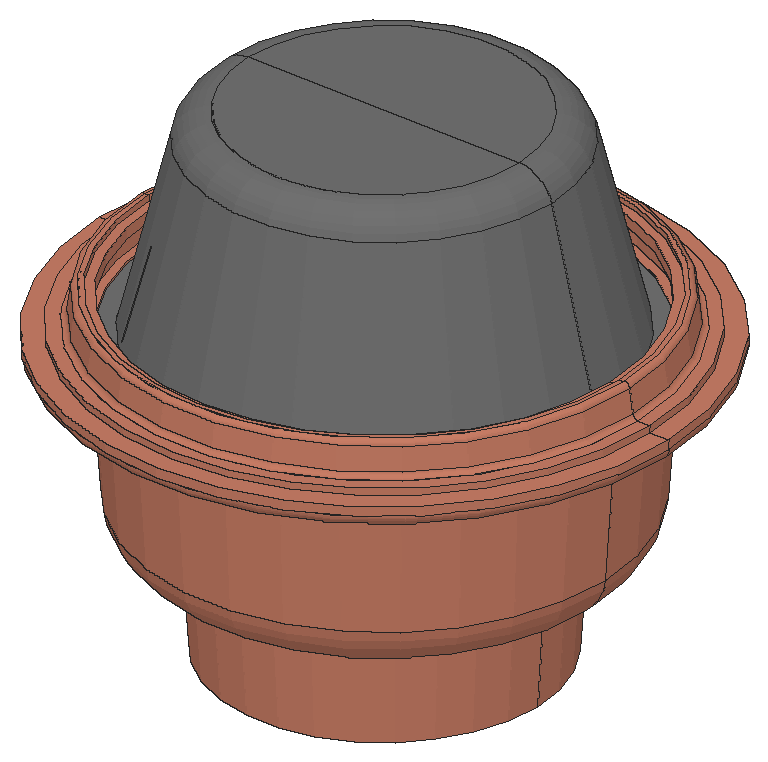
Revit family
Parameters (values of type "1310-06")
  Weight (lb) = 21.44
  Waste Connection = no
  Warranty = "1 year material and workmanship"  # constant formula
  Vent Connection = no
  URL = "http://www.jrsmith.com"
  Threaded = yes
  Technical and Installation = "http://www.jrsmith.com/products/floor/tech_data_index.htm"
  SmartBIM Object Version = 3  # constant formula
  SmartBIM Object Created By = "Reed Construction Data"  # constant formula
  Push On = yes
  Product URL = "http://jrsmith.com/products/roof/submittal/d1310.pdf"
  Pipe Diameter = 6"
  No Hub = yes
  HW Connection = no
  Description = "Duco cast iron body with combined flashing clamp and gravel stop with polyethylene dome"  # constant formula
  Outlet Radius = Pipe Diameter / 2  # 3"
  OmniClass Title = "Roof Drains"  # constant formula
  OmniClass Code = "22-22 14 26 13"  # constant formula
  Model = "1310"  # constant formula
  Material Finish = Cast Iron
  Material = Duco coated
  Manufacturer = "Jay R. Smith Mfg. Co. "  # constant formula
  Dome Free Area = "71.50"  # constant formula
  Default Elevation = 0"
  Caulk = yes
  CW Connection = no
  Assembly Code = "D2030300"
  95 CSI = "15165"  # constant formula
  04 CSI = "22 14 35"  # constant formula
Types (6): name | Weight (lb) | Pipe Diameter | Outlet Radius | Assembly Code
  (no name) | 21.44 | 6" | 3" | "D2030300"
  1310-02 | 21.34 | 2" | 1" | "D2040200"
  1310-03 | 21.68 | 3" | 1 1/2" | "D2030300"
  1310-04 | 22.4 | 4" | 2" | "D2030300"
  1310-05 | 21.2 | 5" | 2 1/2" | "D2030300"
  1310-06 | 21.44 | 6" | 3" | "D2030300"
Reference planes (in)
  plane 1 "Center (Front/Back)": y = 0
  plane 2: z = 0
  plane 3 "Center (Left/Right)": x = 0
  plane 4: x = 3
  plane 5: x = 3.5
  plane 6: z = 4.5
  plane 7: z = 0.37289
  plane 8: z = -5.62967
Forms (in)
  Revolve 1, solid, material "Duco coated" <- "Material"
    sketch origin (12.25, 0, -4.64174) x (1, 0, 0) y (0, 0, 1)
      loop
        line (-9.39981, 9.14174) -> (-12.25, 9.14174) -> (-12.25, 8.96429) -> (-9.44227, 8.96429)
        arc (-9.44227, 8.96429) -> (-9.14759, 8.86722) -> (-8.97498, 8.60939) r 0.4769
        line (-8.97498, 8.60939) -> (-7.93127, 4.66392) -> (-7.28336, 4.66392) -> (-7.28336, 5.01882) -> (-7.81914, 5.01882) -> (-8.72773, 8.61823)
        arc (-8.72773, 8.61823) -> (-8.97386, 8.99542) -> (-9.39981, 9.14174) r 0.69316
      axis (-12.25, 4.66392) -> (-12.25, 9.14174)
    angle from 0 to 360
  Revolve 2, solid, material "Cast Iron" <- "Material Finish"
    sketch origin (12.25, 0, 5.05899) x (1, 0, 0) y (0, 0, -1)
      loop
        arc (-7.01679, 4.45328) -> (-6.97825, 4.52458) -> (-6.90235, 4.55302) r 0.11553
        line (-6.90235, 4.55302) -> (-6.64814, 4.55302) -> (-6.64814, 4.6861) -> (-6.25194, 4.6861) -> (-6.25194, 4.8606)
        arc (-6.25194, 4.8606) -> (-6.30087, 5.00279) -> (-6.42695, 5.08476) r 0.23105
        line (-6.42695, 5.08476) -> (-7.24276, 5.28872)
        arc (-7.24276, 5.28872) -> (-7.3637, 5.36434) -> (-7.41719, 5.49656) r 0.23105
        line (-7.41719, 5.49656) -> (-7.58028, 7.80021)
        arc (-7.58028, 7.80021) -> (-7.93549, 8.45652) -> (-8.63252, 8.72307) r 1.07427
        line (-8.63252, 8.72307) -> (-9.15607, 8.72307) -> (-9.15607, 8.4569) -> (-8.83658, 8.4569)
        arc (-8.83658, 8.4569) -> (-8.68067, 8.39636) -> (-8.60645, 8.24648) r 0.23105
        line (-8.60645, 8.24648) -> (-8.32079, 5.06026) -> (-7.71591, 4.9672) -> (-7.4719, 4.72319) -> (-7.4719, 4.66392) -> (-7.28336, 4.66392) -> (-7.28336, 4.2203) -> (-7.4719, 4.2203) -> (-7.4719, 4.00958) -> (-7.28336, 4.00958) -> (-7.28336, 3.90976) -> (-7.19245, 3.90976)
        arc (-7.19245, 3.90976) -> (-7.11654, 3.9382) -> (-7.078, 4.0095) r 0.11553
        line (-7.078, 4.0095) -> (-7.01679, 4.45328)
      axis (-12.25, 3.90976) -> (-12.25, 8.72307)
    angle from 0 to 360
  Revolve 3, solid, material "Cast Iron" <- "Material Finish"
    sketch origin (0, 0, 0.08888) x (1, 0, 0) y (0, 0, 1)
      loop
        line (3.22556, -5.71855) -> (3.36028, -3.75475) -> (3.5, -3.75475) -> (3.5, -3.48858) -> (3.33229, -3.48858)
        arc (3.33229, -3.48858) -> (3.22695, -3.54047) -> (3.17162, -3.64405) r 0.19174
        line (3.17162, -3.64405) -> (3.00441, -5.71855) -> (3.22556, -5.71855)
      axis (0, -5.71855) -> (0, -3.48858)
    angle from 0 to 360
Lines and regions (in)
  model lines
    curve 1: line (3.62078, -0.25038, 3.61561) -> (4.43588, -0.25038, 0.38519)
    curve 2: line (3.62078, 0.32695, 3.61561) -> (4.43588, 0.32695, 0.38519)
    curve 3: arc (3.62078, -0.25038, 3.61561) -> (3.55016, 0.03828, 3.8955) -> (3.62078, 0.32695, 3.61561) r 0.28866
    curve 4: line (3.58572, 0.5616, 3.61561) -> (4.38038, 0.74297, 0.38519)
    curve 5: line (3.45725, 1.12445, 3.61561) -> (4.25191, 1.30583, 0.38519)
    curve 6: arc (3.58572, 0.5616, 3.61561) -> (3.45263, 0.82731, 3.8955) -> (3.45725, 1.12445, 3.61561) r 0.28866
    curve 7: line (3.37085, 1.34541, 3.61561) -> (4.10523, 1.69907, 0.38519)
    curve 8: line (3.12036, 1.86557, 3.61561) -> (3.85474, 2.21922, 0.38519)
    curve 9: arc (3.37085, 1.34541, 3.61561) -> (3.18197, 1.57485, 3.8955) -> (3.12036, 1.86557, 3.61561) r 0.28866
    curve 10: line (2.98695, 2.06177, 3.61561) -> (3.62422, 2.56997, 0.38519)
    curve 11: line (2.627, 2.51314, 3.61561) -> (3.26427, 3.02134, 0.38519)
    curve 12: arc (2.98695, 2.06177, 3.61561) -> (2.75176, 2.24342, 3.8955) -> (2.627, 2.51314, 3.61561) r 0.28866
    curve 13: line (2.45328, 2.67473, 3.61561) -> (2.96148, 3.312, 0.38519)
    curve 14: line (2.00191, 3.03469, 3.61561) -> (2.51011, 3.67196, 0.38519)
    curve 15: arc (2.45328, 2.67473, 3.61561) -> (2.18356, 2.7995, 3.8955) -> (2.00191, 3.03469, 3.61561) r 0.28866
    curve 16: line (1.79659, 3.15358, 3.61561) -> (2.15024, 3.88796, 0.38519)
    curve 17: line (1.27643, 3.40407, 3.61561) -> (1.63009, 4.13845, 0.38519)
    curve 18: arc (1.79659, 3.15358, 3.61561) -> (1.50587, 3.21519, 3.8955) -> (1.27643, 3.40407, 3.61561) r 0.28866
    curve 19: line (1.0498, 3.47429, 3.61561) -> (1.23118, 4.26895, 0.38519)
    curve 20: line (0.48695, 3.60276, 3.61561) -> (0.66833, 4.39742, 0.38519)
    curve 21: arc (1.0498, 3.47429, 3.61561) -> (0.75266, 3.46967, 3.8955) -> (0.48695, 3.60276, 3.61561) r 0.28866
    curve 22: line (0.25038, 3.62078, 3.61561) -> (0.25038, 4.43588, 0.38519)
    curve 23: line (-0.32695, 3.62078, 3.61561) -> (-0.32695, 4.43588, 0.38519)
    curve 24: arc (0.25038, 3.62078, 3.61561) -> (-0.03828, 3.55016, 3.8955) -> (-0.32695, 3.62078, 3.61561) r 0.28866
    curve 25: line (-0.5616, 3.58572, 3.61561) -> (-0.74297, 4.38038, 0.38519)
    curve 26: line (-1.12445, 3.45725, 3.61561) -> (-1.30583, 4.25191, 0.38519)
    curve 27: arc (-0.5616, 3.58572, 3.61561) -> (-0.82731, 3.45263, 3.8955) -> (-1.12445, 3.45725, 3.61561) r 0.28866
    curve 28: line (-1.34541, 3.37085, 3.61561) -> (-1.69907, 4.10523, 0.38519)
    curve 29: line (-1.86557, 3.12036, 3.61561) -> (-2.21922, 3.85474, 0.38519)
    curve 30: arc (-1.34541, 3.37085, 3.61561) -> (-1.57485, 3.18197, 3.8955) -> (-1.86557, 3.12036, 3.61561) r 0.28866
    curve 31: line (-2.06177, 2.98695, 3.61561) -> (-2.56997, 3.62422, 0.38519)
    curve 32: line (-2.51314, 2.627, 3.61561) -> (-3.02134, 3.26427, 0.38519)
    curve 33: arc (-2.06177, 2.98695, 3.61561) -> (-2.24342, 2.75176, 3.8955) -> (-2.51314, 2.627, 3.61561) r 0.28866
    curve 34: line (-2.67473, 2.45328, 3.61561) -> (-3.312, 2.96148, 0.38519)
    curve 35: line (-3.03469, 2.00191, 3.61561) -> (-3.67196, 2.51011, 0.38519)
    curve 36: arc (-2.67473, 2.45328, 3.61561) -> (-2.7995, 2.18356, 3.8955) -> (-3.03469, 2.00191, 3.61561) r 0.28866
    curve 37: line (-3.15358, 1.79659, 3.61561) -> (-3.88796, 2.15024, 0.38519)
    curve 38: line (-3.40407, 1.27643, 3.61561) -> (-4.13845, 1.63009, 0.38519)
    curve 39: arc (-3.15358, 1.79659, 3.61561) -> (-3.21519, 1.50587, 3.8955) -> (-3.40407, 1.27643, 3.61561) r 0.28866
    curve 40: line (-3.47429, 1.0498, 3.61561) -> (-4.26895, 1.23118, 0.38519)
    curve 41: line (-3.60276, 0.48695, 3.61561) -> (-4.39742, 0.66833, 0.38519)
    curve 42: arc (-3.47429, 1.0498, 3.61561) -> (-3.46967, 0.75266, 3.8955) -> (-3.60276, 0.48695, 3.61561) r 0.28866
    curve 43: line (-3.62078, 0.25038, 3.61561) -> (-4.43588, 0.25038, 0.38519)
    curve 44: line (-3.62078, -0.32695, 3.61561) -> (-4.43588, -0.32695, 0.38519)
    curve 45: arc (-3.62078, 0.25038, 3.61561) -> (-3.55016, -0.03828, 3.8955) -> (-3.62078, -0.32695, 3.61561) r 0.28866
    curve 46: line (-3.58572, -0.5616, 3.61561) -> (-4.38038, -0.74297, 0.38519)
    curve 47: line (-3.45725, -1.12445, 3.61561) -> (-4.25191, -1.30583, 0.38519)
    curve 48: arc (-3.58572, -0.5616, 3.61561) -> (-3.45263, -0.82731, 3.8955) -> (-3.45725, -1.12445, 3.61561) r 0.28866
    curve 49: line (-3.37085, -1.34541, 3.61561) -> (-4.10523, -1.69907, 0.38519)
    curve 50: line (-3.12036, -1.86557, 3.61561) -> (-3.85474, -2.21922, 0.38519)
    curve 51: arc (-3.37085, -1.34541, 3.61561) -> (-3.18197, -1.57485, 3.8955) -> (-3.12036, -1.86557, 3.61561) r 0.28866
    curve 52: line (-2.98695, -2.06177, 3.61561) -> (-3.62422, -2.56997, 0.38519)
    curve 53: line (-2.627, -2.51314, 3.61561) -> (-3.26427, -3.02134, 0.38519)
    curve 54: arc (-2.98695, -2.06177, 3.61561) -> (-2.75176, -2.24342, 3.8955) -> (-2.627, -2.51314, 3.61561) r 0.28866
    curve 55: line (-2.45328, -2.67473, 3.61561) -> (-2.96148, -3.312, 0.38519)
    curve 56: line (-2.00191, -3.03469, 3.61561) -> (-2.51011, -3.67196, 0.38519)
    curve 57: arc (-2.45328, -2.67473, 3.61561) -> (-2.18356, -2.7995, 3.8955) -> (-2.00191, -3.03469, 3.61561) r 0.28866
    curve 58: line (-1.79659, -3.15358, 3.61561) -> (-2.15024, -3.88796, 0.38519)
    curve 59: line (-1.27643, -3.40407, 3.61561) -> (-1.63009, -4.13845, 0.38519)
    curve 60: arc (-1.79659, -3.15358, 3.61561) -> (-1.50587, -3.21519, 3.8955) -> (-1.27643, -3.40407, 3.61561) r 0.28866
    curve 61: line (-1.0498, -3.47429, 3.61561) -> (-1.23118, -4.26895, 0.38519)
    curve 62: line (-0.48695, -3.60276, 3.61561) -> (-0.66833, -4.39742, 0.38519)
    curve 63: arc (-1.0498, -3.47429, 3.61561) -> (-0.75266, -3.46967, 3.8955) -> (-0.48695, -3.60276, 3.61561) r 0.28866
    curve 64: line (-0.25038, -3.62078, 3.61561) -> (-0.25038, -4.43588, 0.38519)
    curve 65: line (0.32695, -3.62078, 3.61561) -> (0.32695, -4.43588, 0.38519)
    curve 66: arc (-0.25038, -3.62078, 3.61561) -> (0.03828, -3.55016, 3.8955) -> (0.32695, -3.62078, 3.61561) r 0.28866
    curve 67: line (0.5616, -3.58572, 3.61561) -> (0.74297, -4.38038, 0.38519)
    curve 68: line (1.12445, -3.45725, 3.61561) -> (1.30583, -4.25191, 0.38519)
    curve 69: arc (0.5616, -3.58572, 3.61561) -> (0.82731, -3.45263, 3.8955) -> (1.12445, -3.45725, 3.61561) r 0.28866
    curve 70: line (1.34541, -3.37085, 3.61561) -> (1.69907, -4.10523, 0.38519)
    curve 71: line (1.86557, -3.12036, 3.61561) -> (2.21922, -3.85474, 0.38519)
    curve 72: arc (1.34541, -3.37085, 3.61561) -> (1.57485, -3.18197, 3.8955) -> (1.86557, -3.12036, 3.61561) r 0.28866
    curve 73: line (2.06177, -2.98695, 3.61561) -> (2.56997, -3.62422, 0.38519)
    curve 74: line (2.51314, -2.627, 3.61561) -> (3.02134, -3.26427, 0.38519)
    curve 75: arc (2.06177, -2.98695, 3.61561) -> (2.24342, -2.75176, 3.8955) -> (2.51314, -2.627, 3.61561) r 0.28866
    curve 76: line (2.67473, -2.45328, 3.61561) -> (3.312, -2.96148, 0.38519)
    curve 77: line (3.03469, -2.00191, 3.61561) -> (3.67196, -2.51011, 0.38519)
    curve 78: arc (2.67473, -2.45328, 3.61561) -> (2.7995, -2.18356, 3.8955) -> (3.03469, -2.00191, 3.61561) r 0.28866
    curve 79: line (3.15358, -1.79659, 3.61561) -> (3.88796, -2.15024, 0.38519)
    curve 80: line (3.40407, -1.27643, 3.61561) -> (4.13845, -1.63009, 0.38519)
    curve 81: arc (3.15358, -1.79659, 3.61561) -> (3.21519, -1.50587, 3.8955) -> (3.40407, -1.27643, 3.61561) r 0.28866
    curve 82: line (3.47429, -1.0498, 3.61561) -> (4.26895, -1.23118, 0.38519)
    curve 83: line (3.60276, -0.48695, 3.61561) -> (4.39742, -0.66833, 0.38519)
    curve 84: arc (3.47429, -1.0498, 3.61561) -> (3.46967, -0.75266, 3.8955) -> (3.60276, -0.48695, 3.61561) r 0.28866
  symbolic lines
    curve 85: circle (0, 0, 0) r 5.99806 normal (0, 0, 1)
Dimensions and locks (in)
  "Outlet Radius": plane 4 to plane 3 "Center (Left/Right)"
  locked: plane 5 to plane 3 "Center (Left/Right)" at 3.5
  locked: Revolve 2 sketch curve to plane 5 at 0.40607
  plane 4 to Revolve 3 sketch curve to Revolve 3 sketch curve = 0.22556" locked, 0.13471" locked
  plane 6 to plane 7 = 4.12711"
  plane 7 to plane 8 = 6.00256"
  aligned and locked: Revolve 2 sketch curve to plane 3 "Center (Left/Right)"
  aligned and locked: plane 3 "Center (Left/Right)" to Revolve 3 sketch curve
  aligned and locked: Revolve 3 sketch curve to plane 5
Automatic sketch dimensions
  Revolve 1 sketch curve to plane 3 "Center (Left/Right)" = 0"  (x2)
  plane 5 to Revolve 1 sketch curve = 0.69227"
  Revolve 1 sketch curve to Revolve 1 sketch curve = 0.00625"
  Revolve 1 sketch curve to Revolve 1 sketch curve = 0.04246"
  plane 5 to Revolve 1 sketch curve = 0.22498"
  Revolve 1 sketch curve to plane 5 = 0.02227"
  level to Revolve 1 sketch curve = 0.02218"
  Revolve 1 sketch curve to plane 5 = 0.81873"
  Revolve 1 sketch curve to Revolve 1 sketch curve = 0.11213"
  Revolve 1 sketch curve to Revolve 1 sketch curve = 0.53578"
  Revolve 1 sketch curve to level = 5.22593"
  Revolve 1 sketch curve to Revolve 1 sketch curve = 1"
  Revolve 1 sketch curve to Revolve 1 sketch curve = 0.3549"
  Revolve 1 sketch curve to Revolve 1 sketch curve = 3.42976"
  Revolve 1 sketch curve to Revolve 1 sketch curve = 0.03885"
  Revolve 1 sketch curve to Revolve 1 sketch curve = 0.16081"
  Revolve 1 sketch curve to Revolve 1 sketch curve = 0.00884"
  Revolve 2 sketch curve to level = 0.37289"
  Revolve 2 sketch curve to plane 5 = 0.08658"
  plane 5 to Revolve 2 sketch curve = 0.10617"
  plane 5 to Revolve 2 sketch curve = 0.11748"
  plane 5 to Revolve 2 sketch curve = 0.14355"
  plane 5 to Revolve 2 sketch curve = 0.42921"
  Revolve 2 sketch curve to level = 0.09179"
  Revolve 2 sketch curve to Revolve 2 sketch curve = 0.60488"
  Revolve 2 sketch curve to Revolve 2 sketch curve = 1.06355"
  Revolve 2 sketch curve to Revolve 2 sketch curve = 0.24401"  (x2)
  Revolve 2 sketch curve to level = 0.39507"
  Revolve 2 sketch curve to Revolve 2 sketch curve = 0.29871"
  Revolve 2 sketch curve to Revolve 2 sketch curve = 0.18854"  (x2)
  Revolve 2 sketch curve to Revolve 2 sketch curve = 0.17443"
  Revolve 2 sketch curve to Revolve 2 sketch curve = 0.09091"
  Revolve 2 sketch curve to Revolve 2 sketch curve = 0.05604"  (x2)
  Revolve 2 sketch curve to Revolve 2 sketch curve = 0.11444"  (x2)
  Revolve 2 sketch curve to level = 0.60571"
  Revolve 2 sketch curve to Revolve 2 sketch curve = 0.26657"
  Revolve 2 sketch curve to Revolve 2 sketch curve = 0.25421"
  Revolve 2 sketch curve to Revolve 2 sketch curve = 0.16515"
  level to Revolve 2 sketch curve = 0.02577"
  Revolve 2 sketch curve to level = 0.19839"
  Revolve 2 sketch curve to Revolve 2 sketch curve = 0.01579"  (x2)
  Revolve 2 sketch curve to Revolve 2 sketch curve = 0.23298"
  Revolve 2 sketch curve to Revolve 2 sketch curve = 0.19501"
  Revolve 2 sketch curve to Revolve 2 sketch curve = 0.01571"
  Revolve 2 sketch curve to level = 5.64317"
  Revolve 2 sketch curve to Revolve 2 sketch curve = 1"
  Revolve 2 sketch curve to level = 0.3358"
  level to Revolve 2 sketch curve = 0.00127"
  Revolve 2 sketch curve to Revolve 2 sketch curve = 0.32152"
  Revolve 2 sketch curve to Revolve 2 sketch curve = 0.20784"
  Revolve 2 sketch curve to Revolve 2 sketch curve = 2.1523"
  Revolve 2 sketch curve to Revolve 2 sketch curve = 0.15135"
  Revolve 2 sketch curve to Revolve 2 sketch curve = 0.49723"
  Revolve 2 sketch curve to Revolve 2 sketch curve = 0.02063"
  Revolve 3 sketch curve to plane 4 = 0.00441"
  Revolve 3 sketch curve to plane 4 = 0.17162"
  Revolve 3 sketch curve to Revolve 3 sketch curve = 0.16067"
  Revolve 3 sketch curve to Revolve 3 sketch curve = 0"
  Revolve 3 sketch curve to level = 5.62967"
  Revolve 3 sketch curve to Revolve 3 sketch curve = 25/128"
  Revolve 3 sketch curve to Revolve 3 sketch curve = 1"
  Revolve 3 sketch curve to Revolve 3 sketch curve = 1.9638"
  Revolve 3 sketch curve to Revolve 3 sketch curve = 0.07649"
  Revolve 3 sketch curve to Revolve 3 sketch curve = 0.03421"
  curve 85 to plane 1 "Center (Front/Back)" = 0"
  curve 85 to plane 3 "Center (Left/Right)" = 0"
  plane 1 "Center (Front/Back)" to curve 1 = 0.25038"
  curve 2 to curve 1 = 0"
  curve 2 to curve 2 = 3.33166"
  curve 3 to plane 1 "Center (Front/Back)" = 0.03828"
  curve 5 to curve 4 = 0"
  curve 5 to curve 5 = 3.33166"
  curve 4 to curve 6 = 0.28866"
  curve 8 to curve 7 = 0"
  curve 8 to curve 8 = 3.33166"
  curve 7 to curve 9 = 0.28866"
  curve 11 to curve 10 = 0"
  curve 11 to curve 11 = 3.33166"
  curve 10 to curve 12 = 0.28866"
  curve 14 to curve 13 = 0"
  curve 14 to curve 14 = 3.33166"
  curve 15 to curve 15 = 0.28866"
  curve 17 to curve 16 = 0"
  curve 17 to curve 17 = 3.33166"
  curve 18 to curve 18 = 0.28866"
  curve 20 to curve 19 = 0"
  curve 20 to curve 20 = 3.33166"
  curve 19 to curve 21 = 0.28866"
  plane 3 "Center (Left/Right)" to curve 22 = 0.25038"
  curve 23 to curve 22 = 0"
  curve 23 to curve 23 = 3.33166"
  curve 24 to plane 3 "Center (Left/Right)" = 0.03828"
  curve 26 to curve 25 = 0"
  curve 26 to curve 26 = 3.33166"
  curve 25 to curve 27 = 0.28866"
  curve 29 to curve 28 = 0"
  curve 29 to curve 29 = 3.33166"
  curve 28 to curve 30 = 0.28866"
  curve 32 to curve 31 = 0"
  curve 32 to curve 32 = 3.33166"
  curve 31 to curve 33 = 0.28866"
  curve 35 to curve 34 = 0"
  curve 35 to curve 35 = 3.33166"
  curve 36 to curve 36 = 0.28866"
  curve 38 to curve 37 = 0"
  curve 38 to curve 38 = 3.33166"
  curve 39 to curve 39 = 0.28866"
  curve 41 to curve 40 = 0"
  curve 41 to curve 41 = 3.33166"
  curve 40 to curve 42 = 0.28866"
  curve 43 to plane 1 "Center (Front/Back)" = 0.25038"
  curve 44 to curve 43 = 0"
  curve 44 to curve 44 = 3.33166"
  plane 1 "Center (Front/Back)" to curve 45 = 0.03828"
  curve 47 to curve 46 = 0"
  curve 47 to curve 47 = 3.33166"
  curve 48 to curve 48 = 0.28866"
  curve 50 to curve 49 = 0"
  curve 50 to curve 50 = 3.33166"
  curve 49 to curve 51 = 0.28866"
  curve 53 to curve 52 = 0"
  curve 53 to curve 53 = 3.33166"
  curve 52 to curve 54 = 0.28866"
  curve 56 to curve 55 = 0"
  curve 56 to curve 56 = 3.33166"
  curve 57 to curve 57 = 0.28866"
  curve 59 to curve 58 = 0"
  curve 59 to curve 59 = 3.33166"
  curve 58 to curve 60 = 0.28866"
  curve 62 to curve 61 = 0"
  curve 62 to curve 62 = 3.33166"
  curve 61 to curve 63 = 0.28866"
  curve 64 to plane 3 "Center (Left/Right)" = 0.25038"
  curve 65 to curve 64 = 0"
  curve 65 to curve 65 = 3.33166"
  plane 3 "Center (Left/Right)" to curve 66 = 0.03828"
  curve 68 to curve 67 = 0"
  curve 68 to curve 68 = 3.33166"
  curve 67 to curve 69 = 0.28866"
  curve 71 to curve 70 = 0"
  curve 71 to curve 71 = 3.33166"
  curve 72 to curve 72 = 0.28866"
  curve 74 to curve 73 = 0"
  curve 74 to curve 74 = 3.33166"
  curve 73 to curve 75 = 0.28866"
  curve 77 to curve 76 = 0"
  curve 77 to curve 77 = 3.33166"
  curve 78 to curve 78 = 0.28866"
  curve 80 to curve 79 = 0"
  curve 80 to curve 80 = 3.33166"
  curve 79 to curve 81 = 0.28866"
  curve 83 to curve 82 = 0"
  curve 83 to curve 83 = 3.33166"
  curve 82 to curve 84 = 0.28866"
  radius of curve 85 = 5.99806"
Connectors (in)
  piping at (0, 0, -5.62967), driven by "Outlet Radius"
    settings: on Revolve 3, index 2
